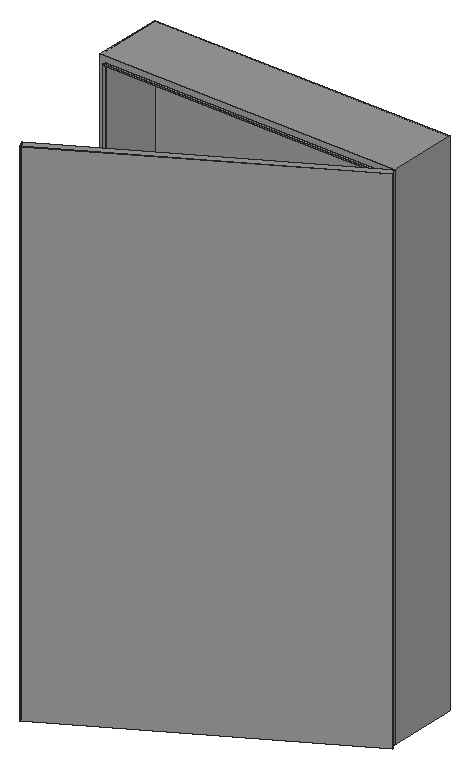
Revit family "Hager-Univers-IP44-D205-H1400-Cl.II-Encl-NoHosted-PL-en", category Equipement électrique, Revit 2020
Family settings
  Configuration du panneau = Deux colonnes, circuits au sein
  Cote de connecteur circulaire = Utiliser le diamètre
  Type d'élément = Tableau de raccordement
  Basée sur le plan de construction = Oui
  Toujours verticalement = Oui
  Couper avec des vides une fois chargée = Non
  Partagée = Non
  Point de calcul de pièce = Non
Parameters (values of type "Surface mounted (plaster) IP44 W800 H1400 D205  - FP93SN2")
  Width Control [instance] = if([EF000008 - Width] > Min Width, [EF000008 - Width], Min Width)  # 800 mm
  Commentaires du type = [HG000003 - Range]  # "Univers"
  Thickness Door [instance] = if([EF009171 - Material plate thickness door/cover] > 3 mm, 3 mm, [EF009171 - Material plate thickness door/cover])  # 1 mm
  Seal Frame Offset [instance] = 17 mm  # constant formula
  Plinth Visibility [instance] = [HG000027 - Plinth height] > 0 mm  # no
  Min Width [instance] = 100 mm  # constant formula
  Min Depth [instance] = (2 * [EF009170 - Material plate thickness cabinet]) + 1 mm  # 3 mm
  Min Height [instance] = 100 mm  # constant formula
  Internal Frame Depth [instance] = (Door System Depth * 0.5)  # 9 mm
  Panel Name [instance] = ""  # (empty or 0)
  Model = ""
  HG000027 - Plinth height = 0 mm
  HG000026 - Floor standing = no
  HG000024 - Bottom section height = 600 mm
  HG000023 - Double section enclosure = no
  HG000016 - Door 3d visibility [instance] = yes
  HG000015 - Clearance visibility [instance] = no
  HG000014 - Door on the right [instance] = yes
  HG000013 - Door on the left [instance] = not([HG000014 - Door on the right])  # no
  HG000012 - Door swing angle [instance] = 30.00°
  HG000010 - Asymmetric doors = no
  HG000009 - Double swing door = no
  HG000006 - Flush mounted = no
  HG000004 - Manufacturer reference = "FP93SN2"
  HG000003 - Range = "Univers"
  HG000002 - With door or cover = yes
  Frame Offset Bottom [instance] = 10 mm  # constant formula
  Frame Offset [instance] = 15 mm  # constant formula
  EF015940 - Cover with overpressure release = no
  EF011959 - Degree of protection (NEMA) = ""
  EF009554 - Number of openings for flange plates = 6
  EF009212 - Cover model = "EV000116 - Closed"
  EF009171 - Material plate thickness door/cover = 1 mm
  EF009170 - Material plate thickness cabinet = 1 mm
  EF008873 - Nominal current (In) = 250 A
  EF007800 - Suitable for lightning protection = no
  EF006306 - With lock = no
  EF006244 - Transparent cover/door = no
  EF005474 - Degree of protection (IP) = "EV006418 - IP44"
  EF004464 - Type of door = "EV002646 - Single"
  EF004427 - Number of modules = 324
  EF004293 - Impact strength = "EV006815 - IK09"
  EF003532 - Suitable for outdoor use = no
  EF002950 - Width in number of modular spacings = 36
  EF001613 - Circuit integrity = "EV000494 - None"
  EF001596 - Material housing = "EV000179 - Steel"
  EF001131 - Internal depth = 143 mm
  EF001088 - Extension possible = yes
  EF000437 - Number of conduit inlets = 6
  EF000339 - Type of cover = "EV001012 - Cover"
  EF000266 - Number of rows = 9
  EF000218 - Built-in depth = 205 mm
  EF000118 - With mounting plate = no
  EF000116 - RAL-number = "9010"
  EF000049 - Depth = 205 mm
  EF000040 - Height = 1400 mm
  EF000008 - Width = 800 mm
  EF000007 - Colour = "EV000202 - White"
  EF000003 - Mounting method = "EV000384 - Surface mounted (plaster)"
  Door System Leaf Tolerance [instance] = 1.5 mm  # constant formula
  Door System Depth [instance] = 18 mm  # constant formula
  Door Height [instance] = Height Control - [HG000027 - Plinth height]  # 1400 mm
  Description = ""
  Default Elevation = 1219.2 mm
  Connector Offset [instance] = Height Control / 2  # 700 mm
  Fabricant = "Hager"  # constant formula
  Height Control [instance] = if([EF000040 - Height] > Min Height, [EF000040 - Height], Min Height)  # 1400 mm
  Depth Control [instance] = if([EF000049 - Depth] > Min Depth, [EF000049 - Depth], Min Depth)  # 205 mm
  Bottom Top Plate Trim [instance] = 1.5 mm  # constant formula
  Plinth height Ctrl [instance] = if([HG000027 - Plinth height] > 0 mm, [HG000027 - Plinth height], 12 mm)  # 12 mm
Types (5, lengths in mm): name | Width Control | HG000010 - Asymmetric doors | HG000009 - Double swing door | HG000004 - Manufacturer reference | EF009554 - Number of openings for flange plates | EF004464 - Type of door | EF004427 - Number of modules | EF002950 - Width in number of modular spacings | EF001131 - Internal depth | EF000437 - Number of conduit inlets | EF000339 - Type of cover | EF000008 - Width
  Surface mounted (plaster) IP44 W1050 H1400 D205  - FP94SN2 | 1050 | no | yes | "FP94SN2" | 8 | "EV003602 - Double" | 432 | 48 | 143 | 8 | "EV001012 - Cover" | 1050
  Surface mounted (plaster) IP44 W1300 H1400 D205  - FP95SN2 | 1300 | yes | yes | "FP95SN2" | 10 | "EV003602 - Double" | 540 | 60 | 130 | 10 | "EV004216 - Door" | 1300
  Surface mounted (plaster) IP44 W300 H1400 D205  - FP91SN2 | 300 | no | no | "FP91SN2" | 2 | "EV002646 - Single" | 108 | 12 | 143 | 2 | "EV001012 - Cover" | 300
  Surface mounted (plaster) IP44 W550 H1400 D205  - FP92SN2 | 550 | no | no | "FP92SN2" | 4 | "EV002646 - Single" | 216 | 24 | 143 | 4 | "EV001012 - Cover" | 550
  Surface mounted (plaster) IP44 W800 H1400 D205  - FP93SN2 | 800 | no | no | "FP93SN2" | 6 | "EV002646 - Single" | 324 | 36 | 143 | 6 | "EV001012 - Cover" | 800
Reference planes
  plane 1 "Center (Front/Back)": y = 0
  plane 2: z = 0
  plane 3 "Center (Left/Right)": x = 0
  plane 4: y = 0
  plane 5: y = 0
  plane 6: z = 0
  plane 7: x = -400
  plane 8: x = 400
  plane 9: x = 399
  plane 10: x = -399
  plane 11: z = 0
  plane 12: z = 1
  plane 13: y = -205
  plane 14: y = -1
  plane 15: x = 0
  plane 16: y = -187
  plane 17: y = -204
  plane 18: y = -186
  plane 19: x = -384
  plane 20: x = 384
  plane 21: z = 11
  plane 22: x = -383
  plane 23: x = 383
  plane 24: z = 0
  plane 25: z = 1400
  plane 26: z = 1400
  plane 27: z = 1384
  plane 28: z = 1399
Forms (mm)
  Extrusion 1, solid, material "Hager_Steel_RAL7035_Light_Grey", detail levels medium+fine
    sketch origin (-208.679, -4572, 0) x (-1, 0, 0) y (0, -1, 0)
      loop
        line (191.321, -4385) -> (-608.679, -4385) -> (-608.679, -4572) -> (191.321, -4572) -> (191.321, -4385)
    from 0 to 1400
  Extrusion 2, void
    sketch origin (-350.771, -205, 1219.2) x (1, 0, 0) y (0, 0, 1)
      loop
        line (-48.229, 179.8) -> (-48.229, -1218.2) -> (749.771, -1218.2) -> (749.771, 179.8) -> (-48.229, 179.8)
    from -19 to -204
  Extrusion 3, void
    sketch origin (-290.084, -187, 1219.2) x (1, 0, 0) y (0, 0, 1)
      loop
        line (-93.916, -1208.2) -> (674.084, -1208.2) -> (674.084, 164.8) -> (-93.916, 164.8) -> (-93.916, -1208.2)
    from 0 to -1
  Extrusion 4, solid, material "Hager_Steel_RAL7035_Light_Grey", visible <- "Plinth Visibility", detail levels medium+fine
    sketch origin (0, 0, 0) x (1, 0, 0) y (0, 1, 0)
      loop
        line (-400, 0) -> (-400, -187) -> (400, -187) -> (400, 0) -> (-400, 0)
    from 0 to 12 <- "Plinth height Ctrl"
  Extrusion 5, solid, material "Hager_Steel_RAL7035_Light_Grey", detail levels coarse
    sketch origin (0, 0, 0) x (1, 0, 0) y (0, 1, 0)
      loop
        line (-400, 0) -> (-400, -205) -> (400, -205) -> (400, 0) -> (-400, 0)
    from 0 to 1400 <- "Height Control"
  Sweep 6, void
    path in 3D
      loop
        line (-400, -187, 12) -> (400, -187, 12) -> (400, 0, 12) -> (-400, 0, 12) -> (-400, -187, 12)
    profile origin (-400, -93.5, 12) x (1, 0, 0) y (0, 0, 1)
      loop
        line (0, 0) -> (0, -1.5) -> (1.5, -1.5)
        arc (1.5, -1.5) -> (1.061, -0.439) -> (0, 0) r 1.5
  Extrusion 7, solid, material "Hager_Steel_RAL7035_Light_Grey", detail levels fine
    sketch origin (-400, -187, 0) x (1, 0, 0) y (0, 0, 1)
      loop
        line (16, 11) -> (784, 11) -> (784, 1384) -> (16, 1384) -> (16, 11)
      loop
        line (15, 10) -> (785, 10) -> (785, 1385) -> (15, 1385) -> (15, 10)
    from 0 to 9 <- "Internal Frame Depth"
Cuts and joins
  Extrusion 2, Extrusion 3 cuts Extrusion 1
  Sweep 6 cuts Extrusion 4
Lines and regions (mm)
  Masking region 1
    outline origin (0, 0, 0) x (1, 0, 0) y (0, 1, 0)
      loop
        line (-400, 0) -> (-400, -205) -> (400, -205) -> (400, 0) -> (-400, 0)
  Masking region 2, detail levels coarse
    outline origin (-290.084, -187, 1219.2) x (-1, 0, 0) y (0, 0, 1)
      loop
        line (-690.084, -1219.2) -> (109.916, -1219.2) -> (109.916, 180.8) -> (-690.084, 180.8) -> (-690.084, -1219.2)
  Masking region 3, detail levels coarse
    outline origin (0, 0, 0) x (0, 1, 0) y (0, 0, 1)
      loop
        line (0, 0) -> (0, 1400) -> (-205, 1400) -> (-205, 0) -> (0, 0)
  Masking region 4, visible <- "Plinth Visibility", detail levels medium+fine
    outline origin (0, 0, 0) x (0, 1, 0) y (0, 0, 1)
      loop
        line (-1.5, 12) -> (-185.5, 12)
        arc (-185.5, 12) -> (-185.939, 10.939) -> (-187, 10.5) r 1.5
        line (-187, 10.5) -> (-187, 0) -> (0, 0) -> (0, 10.5)
        arc (0, 10.5) -> (-1.061, 10.939) -> (-1.5, 12) r 1.5
  Masking region 5, detail levels medium+fine
    outline origin (0, 0, 594.038) x (0, 1, 0) y (0, 0, 1)
      loop
        line (0, -594.038) -> (0, 805.962) -> (-187, 805.962) -> (-187, -594.038) -> (0, -594.038)
  Masking region 6, detail levels medium+fine
    outline origin (-359.7, -187, 1211.883) x (-1, 0, 0) y (0, 0, 1)
      loop
        line (-759.7, -1211.883) -> (40.3, -1211.883) -> (40.3, 188.117) -> (-759.7, 188.117) -> (-759.7, -1211.883)
  Masking region 7, visible <- "Plinth Visibility", detail levels medium+fine
    outline origin (-320.334, -187, 1041.368) x (-1, 0, 0) y (0, 0, 1)
      loop
        line (-720.334, -1041.368) -> (79.666, -1041.368) -> (79.666, -1030.868)
        arc (79.666, -1030.868) -> (78.606, -1030.429) -> (78.166, -1029.368) r 1.5
        line (78.166, -1029.368) -> (-718.834, -1029.368)
        arc (-718.834, -1029.368) -> (-719.273, -1030.429) -> (-720.334, -1030.868) r 1.5
        line (-720.334, -1030.868) -> (-720.334, -1041.368)
  sketch lines
    curve 1: line (-400, 0, 12) -> (-400, -187, 12)
    curve 2: line (-400, -187, 12) -> (400, -187, 12)
    curve 3: line (400, 0, 12) -> (-400, 0, 12)
    curve 4: line (400, -187, 12) -> (400, 0, 12)
Dimensions and locks
  locked: plane 1 "Center (Front/Back)" to plane 5
  "EF009170 - Material plate thickness cabinet": plane 7 to plane 10
  "EF009170 - Material plate thickness cabinet": plane 8 to plane 9
  equal spacing: plane 7, plane 3 "Center (Left/Right)", plane 8
  "Width Control": plane 7 to plane 8
  "Depth Control": plane 4 to plane 13
  "EF009170 - Material plate thickness cabinet": plane 4 to plane 14
  "Height Control": plane 25 to level
  "HG000027 - Plinth height": plane 11 to level
  "EF009170 - Material plate thickness cabinet": plane 12 to plane 11
  "EF009170 - Material plate thickness cabinet": plane 17 to plane 13
  "EF009170 - Material plate thickness cabinet": plane 18 to plane 16
  "Frame Offset Bottom": plane 21 to plane 12
  "Frame Offset": plane 10 to plane 19
  "Frame Offset": plane 9 to plane 20
  "Door System Depth": plane 16 to plane 13
  "Seal Frame Offset": plane 7 to plane 22
  "Seal Frame Offset": plane 8 to plane 23
  "EF009170 - Material plate thickness cabinet": plane 26 to plane 28
  "Frame Offset": plane 28 to plane 27
  "Connector Offset": plane 2 to connector elem
  "Bottom Top Plate Trim": profile plane to Sweep 6 sketch curve
  "Bottom Top Plate Trim": Sweep 6 sketch curve to Sweep 6 sketch curve
  "Plinth height Ctrl": Masking region 4 sketch curve to level
  "Plinth height Ctrl": Masking region 7 sketch curve to level
  "Thickness Door": Extrusion 7 sketch curve to Extrusion 7 sketch curve  (x4)
  "Bottom Top Plate Trim": radius of Sweep 6 sketch curve
  "Bottom Top Plate Trim": radius of Masking region 4 sketch curve  (x2)
  "Bottom Top Plate Trim": radius of Masking region 7 sketch curve  (x2)
  aligned and locked: Extrusion 2 sketch curve to plane 12
  aligned and locked: Extrusion 2 sketch curve to plane 9
  aligned and locked: Extrusion 2 sketch curve to plane 10
  aligned and locked: Extrusion 2 to plane 14
  aligned and locked: Extrusion 1 sketch curve to plane 4
  aligned and locked: plane 8 to Extrusion 1 sketch curve
  aligned and locked: plane 7 to Extrusion 1 sketch curve
  aligned and locked: Extrusion 2 to plane 18
  aligned and locked: Extrusion 3 sketch curve to plane 19
  aligned and locked: plane 20 to Extrusion 3 sketch curve
  aligned and locked: Extrusion 3 to Extrusion 2
  aligned and locked: Extrusion 3 sketch curve to plane 21
  aligned and locked: plane 3 "Center (Left/Right)" to nested 1
  aligned and locked: Extrusion 1 sketch curve to plane 16
  aligned and locked: Extrusion 4 sketch curve to cut or joined group of Extrusion 1, Extrusion 2, Extrusion 3
  aligned and locked: Masking region 1 sketch curve to plane 7
  aligned and locked: Masking region 1 sketch curve to plane 5
  aligned and locked: Masking region 1 sketch curve to plane 8
  aligned and locked: Masking region 2 sketch curve to level
  aligned and locked: level to Masking region 3 sketch curve
  aligned and locked: plane 1 "Center (Front/Back)" to Masking region 3 sketch curve
  aligned and locked: plane 13 to Masking region 3 sketch curve
  aligned and locked: plane 5 to Masking region 4 sketch curve
  aligned and locked: Masking region 2 sketch curve to plane 8
  aligned and locked: Masking region 2 sketch curve to plane 7
  aligned and locked: plane 7 to nested 2
  aligned and locked: nested 2 to plane 5
  aligned and locked: plane 5 to Masking region 5 sketch curve
  aligned and locked: plane 26 to Masking region 5 sketch curve
  aligned and locked: Extrusion 5 sketch curve to plane 8
  aligned and locked: Extrusion 5 sketch curve to plane 7
  aligned and locked: Extrusion 5 sketch curve to plane 5
  aligned and locked: Extrusion 3 sketch curve to plane 27
  aligned and locked: Extrusion 2 sketch curve to plane 28
  aligned and locked: Masking region 2 to plane 25
  aligned and locked: Extrusion 4 to plane 16
  aligned and locked: profile plane to Sweep 6 sketch curve
  aligned and locked: Masking region 5 sketch curve to plane 24
  aligned and locked: level to Masking region 4 sketch curve
  aligned and locked: Masking region 1 to plane 13
  aligned and locked: nested 1 to plane 16
  aligned and locked: Masking region 3 to plane 25
  aligned and locked: plane 16 to Masking region 4 sketch curve
  aligned and locked: Masking region 5 sketch curve to plane 16
  aligned and locked: plane 24 to plane 11
  aligned and locked: plane 26 to plane 25
  aligned and locked: plane 26 to cut or joined group of Extrusion 1, Extrusion 2, Extrusion 3
  aligned and locked: nested 1 to plane 24
  aligned and locked: Extrusion 1 to Extrusion 3
  aligned and locked: Masking region 6 sketch curve to plane 8
  aligned and locked: Masking region 6 sketch curve to plane 24
  aligned and locked: Masking region 6 sketch curve to plane 7
  aligned and locked: Masking region 6 sketch curve to plane 26
  aligned and locked: Masking region 7 sketch curve to plane 7
  aligned and locked: level to Masking region 7 sketch curve
  aligned and locked: Masking region 7 sketch curve to plane 8
  aligned and locked: Extrusion 7 sketch curve to cut or joined group of Extrusion 1, Extrusion 2, Extrusion 3  (x4)
Automatic sketch dimensions
  plane 19 to Extrusion 3 sketch curve = 0 mm
  Extrusion 3 sketch curve to plane 20 = 0 mm
  Extrusion 3 sketch curve to plane 21 = 0 mm
  Extrusion 4 sketch curve to plane 7 = 0 mm
  Extrusion 4 sketch curve to plane 8 = 0 mm
  Extrusion 4 sketch curve to plane 16 = 0 mm
  Masking region 1 sketch curve to plane 13 = 0 mm
  Masking region 2 sketch curve to plane 25 = 0 mm
  Masking region 3 sketch curve to plane 25 = 0 mm
  Extrusion 5 sketch curve to plane 13 = 0 mm
  profile plane to Sweep 6 sketch curve = 0 mm
Nested families
  nested 1: "EC000058_Univers_Door" at (0, -187, 0), Double <- "HG000009 - Double swing door", Transparent <- "EF006244 - Transparent cover/door", Angle <- "HG000012 - Door swing angle", Door_Right <- "HG000014 - Door on the right", Assymetrical <- "HG000010 - Asymmetric doors", Door <- "HG000002 - With door or cover", Width_Ctrl <- "Width Control", 3d_Door <- "HG000016 - Door 3d visibility", Clearance <- "HG000015 - Clearance visibility", Door_Left <- "HG000013 - Door on the left", Width <- "Width Control", Door_Depth <- "Door System Depth", Leaf_Tolerance <- "Door System Leaf Tolerance", Height <- "Door Height", Lock_Visibility <- "EF006306 - With lock", Thickness <- "Thickness Door", type "EC000058_Univers_Door", detail levels medium+fine
    with min_wh 3 mm, Width_Ctrl 800 mm, Width 800 mm, Transparent no, Thickness 1 mm, Seal_Material Hager_Rubber, Lock_Visibility no, Lock_Material Hager_Plastic_RAL9005_Jet_Black, Leaf_Width 800 mm, Leaf_Tolerance_External_Sides 0 mm, Leaf_Tolerance 1.5 mm, Leaf_Offset 0 mm, Leaf_Height 1397 mm, Leaf_2_Width 800 mm, Leaf_2_Offset 400 mm, Leaf_1_Width 800 mm, Leaf_1_Offset 400 mm, Height_Ctrl 1400 mm, Height 1400 mm, Glass_Material Hager_Glass, Double_Clearance_Ctrl no, Double no, Door_Right_Ctrl yes, Door_Right yes, Door_Material Hager_Steel_RAL7035_Light_Grey, Door_Left_Ctrl no, Door_Left no, Door_Depth 18 mm, Door yes, Clearance_Material Hager_Clearance, Clearance_Depth 800 mm, Clearance_Ctrl no, Clearance no, Assymetrical no, Angle 30.00°, 3d_Door yes
  nested 2: "Hager_Enclosure_Symbol" at (-400, 0, 0), Height <- "Depth Control", Width <- "Width Control", type "Hager_Enclosure_Symbol"
    with Width_Ctrl 800 mm, Width 800 mm, Height_Ctrl 205 mm, Height 205 mm, A_Width_Int 13.453 mm, A_Width 161.438 mm, A_Height_Ctrl 179.375 mm, A_Height 179.375 mm
Connectors
  electrical at (0, 0, 700)
    settings: on plane 1 "Center (Front/Back)", index 1, voltage 0 V, apparent load 0 VA, apparent load phase1 0 VA, apparent load phase2 0 VA, apparent load phase3 0 VA, power factor 1, load classification "Other", number of poles 1, system type 30, power factor state 1, is connector primary yes, connector utility no, sub classification motor no, connector description ""
Definition of nested family "EC000058_Univers_Door"
  Parameters (values of type "EC000058_Univers_Door")
    min_wh [instance] = (2 * Thickness) + 1 mm  # 11 mm
    Width_Ctrl [instance] = 400 mm
    Width [instance] = 500 mm
    Transparent [instance] = yes
    Thickness [instance] = 5 mm
    Seal_Material [instance] = none
    Lock_Visibility [instance] = yes
    Lock_Material [instance] = none
    Leaf_Width [instance] = if((Width_Ctrl - 2 * Leaf_Tolerance_External_Sides) > 0 mm, (Width_Ctrl - 2 * Leaf_Tolerance_External_Sides), min_wh)  # 400 mm
    Leaf_Tolerance_External_Sides [instance] = 0 mm  # constant formula
    Leaf_Tolerance [instance] = 1.5 mm
    Leaf_Offset [instance] = 0 mm  # constant formula
    Leaf_Height [instance] = if((Height_Ctrl - 2 * Leaf_Tolerance) > 0 mm, (Height_Ctrl - 2 * Leaf_Tolerance), min_wh)  # 497 mm
    Leaf_2_Width [instance] = if(and(and(Double, Assymetrical), Door_Left), (Leaf_Width / 3) - (Leaf_Tolerance / 2), if(and(and(Double, Assymetrical), Door_Right), (Leaf_Width / 3) * 2 - (Leaf_Tolerance / 2), if(and(Double, not(Assymetrical)), (Leaf_Width / 2) - Leaf_Tolerance, Leaf_Width)))  # 400 mm
    Leaf_2_Offset [instance] = if(and(Double, Assymetrical), Leaf_2_Width / 2, if(and(Double, not(Assymetrical)), Leaf_Width / 4, Leaf_Width / 2))  # 200 mm
    Leaf_1_Width [instance] = if(and(and(Double, Assymetrical), Door_Right), (Leaf_Width / 3) - (Leaf_Tolerance / 2), if(and(and(Double, Assymetrical), Door_Left), (Width / 3) * 2 - (Leaf_Tolerance / 2), if(and(Double, not(Assymetrical)), (Leaf_Width / 2) - Leaf_Tolerance, Leaf_Width)))  # 400 mm
    Leaf_1_Offset [instance] = if(and(Double, Assymetrical), Leaf_1_Width / 2, if(and(Double, not(Assymetrical)), Leaf_Width / 4, Leaf_Width / 2))  # 200 mm
    Height_Ctrl [instance] = if(Height > min_wh, Height, min_wh)  # 500 mm
    Height [instance] = 500 mm
    Glass_Material [instance] = none
    Double_Clearance_Ctrl [instance] = and(Double, Clearance)  # no
    Double [instance] = no
    Door_Right_Ctrl [instance] = and(or(Door_Right, Double), Door)  # yes
    Door_Right [instance] = yes
    Door_Material [instance] = none
    Door_Left_Ctrl [instance] = and(or(Door_Left, Double), Door)  # no
    Door_Left [instance] = no
    Door_Depth [instance] = 30 mm
    Door [instance] = yes
    Default Elevation = 1219.2 mm
    Clearance_Material [instance] = none
    Clearance_Depth [instance] = if(Leaf_1_Width > Leaf_2_Width, Leaf_1_Width, Leaf_2_Width)  # 400 mm
    Clearance_Ctrl [instance] = and(not(Double), Clearance)  # yes
    Clearance [instance] = yes
    Assymetrical [instance] = yes
    Angle [instance] = 30.00°
    3d_Door [instance] = yes
  Reference planes
    plane 1 "Center (Front/Back)": y = 0
    plane 2 "Bottom": z = 0
    plane 3 "Center (Left/Right)": x = 0
    plane 4: z = 500
    plane 5: x = -200
    plane 6: x = 200
    plane 7: z = 500
    plane 8: x = -200
    plane 9: z = 0
    plane 10: x = 200
    plane 11: y = 0
    plane 12: z = 1.5
    plane 13: x = -600
    plane 14: y = -400
    plane 15: x = 600
    plane 16: x = 0
    plane 17: x = 0
    plane 18: x = -200
    plane 19: x = 200
    plane 20: z = 498.5
  Forms (mm)
    Extrusion 1, solid, material <- "Clearance_Material", visible <- "Double_Clearance_Ctrl"
      sketch origin (1200, 0, 0) x (1, 0, 0) y (0, 0, -1)
        loop
          line (-1800, -498.5) -> (-600, -498.5) -> (-600, 0) -> (-1800, 0) -> (-1800, -498.5)
      from 0 to -400
  Dimensions and locks
    equal spacing: plane 5, plane 3 "Center (Left/Right)", plane 6
    "Width_Ctrl": plane 5 to plane 6
    "Leaf_Offset": plane 5 to plane 8
    "Leaf_Offset": plane 6 to plane 10
    "Leaf_Offset": plane 9 to level
    "Leaf_Offset": plane 4 to plane 7
    "Height_Ctrl": plane 4 to level
    "Leaf_Tolerance": plane 12 to plane 9
    locked: plane 11 to plane 1 "Center (Front/Back)"
    "Leaf_1_Offset": plane 18 to plane 16
    "Leaf_2_Offset": plane 17 to plane 19
    "Leaf_1_Width": plane 13 to plane 8
    "Leaf_2_Width": plane 10 to plane 15
    "Clearance_Depth": plane 14 to plane 1 "Center (Front/Back)"
    "Leaf_Tolerance_External_Sides": plane 8 to plane 18
    "Leaf_Tolerance_External_Sides": plane 19 to plane 10
    "Leaf_Tolerance": plane 7 to plane 20
    aligned and locked: level to plane 2 "Bottom"
    aligned and locked: nested 1 to plane 16
    aligned and locked: nested 2 to plane 17
    aligned and locked: Extrusion 1 to plane 13
    aligned and locked: plane 15 to Extrusion 1
    aligned and locked: Extrusion 1 to plane 14
    aligned and locked: plane 12 to nested 1
    aligned and locked: nested 2 to plane 12
    aligned and locked: Extrusion 1 to plane 11
    aligned and locked: plane 20 to Extrusion 1
    aligned and locked: nested 2 to plane 11
    aligned and locked: nested 1 to plane 11
  Automatic sketch dimensions
    Extrusion 1 sketch curve to level = 0 mm
    plane 5 to Extrusion 1 sketch curve = 400 mm
    plane 6 to Extrusion 1 sketch curve = 400 mm
    Extrusion 1 sketch curve to plane 4 = 1.5 mm
  Nested families
    nested 1: "EC000058_Univers_Door_Leaf" at (0, 0, 1.5), Width <- "Leaf_1_Width", visible <- "Door_Left_Ctrl", Leaf_Height <- "Leaf_Height", Angle <- "Angle", 3d_Door <- "3d_Door", Transparent <- "Transparent", Clearance Material <- "Clearance_Material", Clearance <- "Clearance_Ctrl", Door_Material <- "Door_Material", Glass_Material <- "Glass_Material", Door_Depth <- "Door_Depth", Lock_Material <- "Lock_Material", Seal_Material <- "Seal_Material", Lock_Visibility <- "Lock_Visibility", Thickness <- "Thickness", type "EC000058_Univers_Door_Leaf"
      with Width 400 mm, Transparent_Glass_Offset 30 mm, Transparent_Ctrl yes, Transparent yes, Thickness 5 mm, Standard no, Seal_Material none, Seal_D2 8 mm, Seal_D1 1 mm, Offset_Internal_Frame 10 mm, Lock_Width 20 mm, Lock_Visibility_3d yes, Lock_Visibility yes, Lock_Thickness_3 3 mm, Lock_Thickness_2 1 mm, Lock_Thickness_1 3 mm, Lock_Radius_Offset_2 16 mm, Lock_Radius_Offset_1 15 mm, Lock_Radius_2 5 mm, Lock_Radius 6 mm, Lock_Offset 5 mm, Lock_Material none, Lock_Height 80 mm, Lock_Cover_Top_Offset_2d 17 mm, Lock_Cover_Height -65 mm, Leaf_Height 497 mm, Internal_Seal_Thickness 8 mm, Internal_Seal_Depth_2 4.5 mm, Internal_Frame_Depth 25 mm, Glass_Thickness -1 mm, Glass_Offset -2 mm, Glass_Material none, Door_Material none, Door_Depth 30 mm, Clearance Material none, Clearance yes, Angle_Ctrl 30.00°, Angle 30.00°, 3d_Door yes
    nested 2: "EC000058_Univers_Door_Leaf" at (0, 0, 1.5) x (-1, 0, 0) z (0, 0, 1), Width <- "Leaf_2_Width", visible <- "Door_Right_Ctrl", Leaf_Height <- "Leaf_Height", Angle <- "Angle", 3d_Door <- "3d_Door", Transparent <- "Transparent", Clearance Material <- "Clearance_Material", Clearance <- "Clearance_Ctrl", Door_Material <- "Door_Material", Glass_Material <- "Glass_Material", Door_Depth <- "Door_Depth", Lock_Material <- "Lock_Material", Seal_Material <- "Seal_Material", Lock_Visibility <- "Lock_Visibility", Thickness <- "Thickness", type "EC000058_Univers_Door_Leaf"
      with Width 400 mm, Transparent_Glass_Offset 30 mm, Transparent_Ctrl yes, Transparent yes, Thickness 5 mm, Standard no, Seal_Material none, Seal_D2 8 mm, Seal_D1 1 mm, Offset_Internal_Frame 10 mm, Lock_Width 20 mm, Lock_Visibility_3d yes, Lock_Visibility yes, Lock_Thickness_3 3 mm, Lock_Thickness_2 1 mm, Lock_Thickness_1 3 mm, Lock_Radius_Offset_2 16 mm, Lock_Radius_Offset_1 15 mm, Lock_Radius_2 5 mm, Lock_Radius 6 mm, Lock_Offset 5 mm, Lock_Material none, Lock_Height 80 mm, Lock_Cover_Top_Offset_2d 17 mm, Lock_Cover_Height -65 mm, Leaf_Height 497 mm, Internal_Seal_Thickness 8 mm, Internal_Seal_Depth_2 4.5 mm, Internal_Frame_Depth 25 mm, Glass_Thickness -1 mm, Glass_Offset -2 mm, Glass_Material none, Door_Material none, Door_Depth 30 mm, Clearance Material none, Clearance yes, Angle_Ctrl 30.00°, Angle 30.00°, 3d_Door yes
  Definition of nested family "EC000058_Univers_Door_Leaf"
    Parameters (values of type "EC000058_Univers_Door_Leaf")
      Width [instance] = 2000 mm
      Transparent_Glass_Offset [instance] = 30 mm
      Transparent_Ctrl [instance] = and(Transparent, [3d_Door])  # yes
      Transparent [instance] = yes
      Thickness [instance] = 5 mm
      Standard [instance] = and(not(Transparent), [3d_Door])  # no
      Seal_Material [instance] = none
      Seal_D2 [instance] = 8 mm  # constant formula
      Seal_D1 [instance] = 1 mm  # constant formula
      Offset_Internal_Frame [instance] = 10 mm  # constant formula
      Lock_Width [instance] = 20 mm  # constant formula
      Lock_Visibility_3d [instance] = and(Lock_Visibility, [3d_Door])  # yes
      Lock_Visibility [instance] = yes
      Lock_Thickness_3 [instance] = 3 mm  # constant formula
      Lock_Thickness_2 [instance] = 1 mm  # constant formula
      Lock_Thickness_1 [instance] = 3 mm  # constant formula
      Lock_Radius_Offset_2 [instance] = Lock_Radius_Offset_1 + 1 mm  # 16 mm
      Lock_Radius_Offset_1 [instance] = 15 mm  # constant formula
      Lock_Radius_2 [instance] = Lock_Radius - 1 mm  # 5 mm
      Lock_Radius [instance] = 6 mm  # constant formula
      Lock_Offset [instance] = 5 mm  # constant formula
      Lock_Material [instance] = none
      Lock_Height [instance] = 80 mm  # constant formula
      Lock_Cover_Top_Offset_2d [instance] = Lock_Radius_Offset_2 + 1 mm  # 17 mm
      Lock_Cover_Height [instance] = -(Lock_Height - Lock_Radius_Offset_1)  # -65 mm
      Leaf_Height [instance] = 2720.336 mm
      Internal_Seal_Thickness [instance] = 8 mm  # constant formula
      Internal_Seal_Depth_2 [instance] = 4.5 mm  # constant formula
      Internal_Frame_Depth [instance] = if(Door_Depth - Thickness > 5 mm, Door_Depth - Thickness, 5 mm)  # 25 mm
      Glass_Thickness [instance] = if(Thickness > 15 mm, Glass_Offset + 10 mm, -1 mm)  # -1 mm
      Glass_Offset [instance] = if(Thickness > 15 mm, -(Thickness + 10 mm) / 2, -2 mm)  # -2 mm
      Glass_Material [instance] = none
      Door_Material [instance] = none
      Door_Depth [instance] = 30 mm
      Default Elevation = 0 mm
      Clearance Material [instance] = none
      Clearance [instance] = yes
      Angle_Ctrl [instance] = if(Angle > 180.00°, 180.00°, Angle)  # 90.00°
      Angle [instance] = 90.00°
      3d_Door [instance] = yes
    Reference planes
      plane 1 "Center (Front/Back)": y = 0
      plane 2: z = 0
      plane 3 "Center (Left/Right)": x = 0
      plane 4: y = 2000
      plane 5: x = -1000
      plane 6: x = 1000
      plane 7: x = -3000
      plane 8: z = 2720.336
      plane 9: z = 30
      plane 10: z = 2690.336
      plane 11: x = 970
      plane 12: x = -970
      plane 13: y = -3
      plane 14: z = 107.833
      plane 15: y = -5
      plane 16: y = -223.314
      plane 17: x = -1000
      plane 18: z = 1360.168
      plane 19: y = 30
    Forms (mm)
      Extrusion 1, solid, material <- "Clearance Material", visible <- "Clearance"
        sketch origin (0, 0, 0) x (1, 0, 0) y (0, 0, 1)
          loop
            line (-3000, 2720.336) -> (-3000, 0) -> (1000, 0) -> (1000, 2720.336) -> (-3000, 2720.336)
        from 0 to -2000
      Extrusion 2, solid, material <- "Door_Material", visible <- "Standard", detail levels medium+fine
        sketch origin (-1000, 0, 0) x (0, 1, 0) y (-1, 0, 0)
          loop
            line (0, 30) -> (0, 25) -> (2000, 25) -> (2000, 30) -> (0, 30)
        from 0 to 2720.336 <- "Leaf_Height"
      Extrusion 3, solid, material <- "Door_Material", visible <- "Transparent_Ctrl", detail levels medium+fine
        sketch origin (-1000, 0, 0) x (0, 1, 0) y (-1, 0, 0)
          loop
            line (0, 25) -> (2000, 25) -> (2000, 30) -> (0, 30) -> (0, 25)
        from 0 to 2720.336 <- "Leaf_Height"
      Extrusion 4, void
        sketch origin (-1025, 2000, 0) x (0, 1, 0) y (0, 0, -1)
          loop
            line (-30, -2690.336) -> (-30, -30) -> (-1970, -30) -> (-1970, -2690.336) -> (-30, -2690.336)
        from 0 to 5 <- "Thickness"
      Sweep 5, solid, material <- "Seal_Material", visible <- "Transparent_Ctrl", detail levels fine
        path in 3D
          loop
            line (-1025, 30, 30) -> (-1025, 30, 2690.336) -> (-1025, 1970, 2690.336) -> (-1025, 1970, 30) -> (-1025, 30, 30)
        profile origin (-1025, 1000, 30) x (1, 0, 0) y (0, 0, 1)
          loop
            line (0, 0) -> (0, -8) -> (1, -8) -> (1, 0) -> (0, 0)
      Extrusion 6, solid, material <- "Glass_Material", visible <- "Transparent_Ctrl", detail levels medium+fine
        sketch origin (-1030, 0, 0) x (0, 1, 0) y (0, 0, -1)
          loop
            line (1970, -2690.336) -> (1970, -30) -> (30, -30) -> (30, -2690.336) -> (1970, -2690.336)
        from -2 <- "Glass_Offset" to -1 <- "Glass_Thickness"
      Extrusion 7, solid, material <- "Door_Material", visible <- "3d_Door", detail levels medium+fine
        sketch origin (-1025, 2000, 0) x (0, -1, 0) y (0, 0, -1)
          loop
            line (0, -2720.336) -> (2000, -2720.336) -> (2000, 0) -> (0, 0) -> (0, -2720.336)
          loop
            line (1995, -5) -> (5, -5) -> (5, -2715.336) -> (1995, -2715.336) -> (1995, -5)
        from 0 to 25 <- "Internal_Frame_Depth"
      Sweep 8, solid, material <- "Seal_Material", visible <- "Transparent_Ctrl", detail levels fine
        path in 3D
          loop
            line (-1025, 0, 0) -> (-1025, 2000, 0) -> (-1025, 2000, 2720.336) -> (-1025, 0, 2720.336) -> (-1025, 0, 0)
        profile origin (-1025, 0, 1360.168) x (1, 0, 0) y (0, 1, 0)
          loop
            line (0, 10) -> (2.975, 10)
            arc (2.975, 10) -> (4.053, 10.447) -> (4.5, 11.525) r 1.525
            line (4.5, 11.525) -> (4.5, 16.527)
            arc (4.5, 16.527) -> (4.069, 17.569) -> (3.027, 18) r 1.473
            line (3.027, 18) -> (0, 18) -> (0, 10)
      Extrusion 9, solid, material <- "Lock_Material", visible <- "Lock_Visibility_3d", detail levels fine
        sketch origin (-1030, 0, 0) x (0, 1, 0) y (0, 0, -1)
          loop
            arc (1993.5, -1400.168) -> (1994.561, -1399.729) -> (1995, -1398.668) r 1.5
            line (1995, -1398.668) -> (1995, -1320.168) -> (1975, -1320.168) -> (1975, -1398.668)
            arc (1975, -1398.668) -> (1975.439, -1399.729) -> (1976.5, -1400.168) r 1.5
            line (1976.5, -1400.168) -> (1993.5, -1400.168)
        from 3 <- "Lock_Thickness_1" to 0
      Blend 10, solid, material <- "Lock_Material", visible <- "Lock_Visibility_3d", detail levels fine
        base sketch origin (-1033, 0, 0) x (0, 1, 0) y (0, 0, -1)
          loop
            line (1975, -1320.168) -> (1975, -1398.668)
            arc (1975, -1398.668) -> (1975.439, -1399.729) -> (1976.5, -1400.168) r 1.5
            line (1976.5, -1400.168) -> (1993.5, -1400.168)
            arc (1993.5, -1400.168) -> (1994.561, -1399.729) -> (1995, -1398.668) r 1.5
            line (1995, -1398.668) -> (1995, -1320.168) -> (1975, -1320.168)
        top sketch origin (-1033, 0, 0) x (0, 1, 0) y (0, 0, -1)
          loop
            line (1976, -1320.168) -> (1976, -1398.668)
            arc (1976, -1398.668) -> (1976.146, -1399.022) -> (1976.5, -1399.168) r 0.5
            line (1976.5, -1399.168) -> (1993.5, -1399.168)
            arc (1993.5, -1399.168) -> (1993.854, -1399.022) -> (1994, -1398.668) r 0.5
            line (1994, -1398.668) -> (1994, -1320.168) -> (1976, -1320.168)
        from 0 to 1 <- "Lock_Thickness_2"
      Blend 11, solid, material <- "Lock_Material", visible <- "Lock_Visibility_3d", detail levels fine
        base sketch origin (-1034, 0, 0) x (0, 1, 0) y (0, 0, -1)
          loop
            line (1978, -1320.168) -> (1978, -1384.168)
            arc (1978, -1384.168) -> (1985, -1391.168) -> (1992, -1384.168) r 7
            line (1992, -1384.168) -> (1992, -1320.168) -> (1978, -1320.168)
        top sketch origin (-1034, 0, 0) x (0, 1, 0) y (0, 0, -1)
          loop
            line (1991, -1320.168) -> (1979, -1320.168) -> (1979, -1383.168)
            arc (1979, -1383.168) -> (1985, -1389.168) -> (1991, -1383.168) r 6
            line (1991, -1383.168) -> (1991, -1320.168)
        from 0 to 3 <- "Lock_Thickness_3"
      Extrusion 12, solid, material <- "Lock_Material", visible <- "Lock_Visibility_3d", detail levels fine
        sketch origin (-1030, 1975, 1320.168) x (1, 0, 0) y (0, -1, 0)
          loop
            line (-7, -19) -> (-7, -1) -> (0, -1) -> (0, 0) -> (-8, 0) -> (-8, -20) -> (0, -20) -> (0, -19) -> (-7, -19)
        from 0 to -65 <- "Lock_Cover_Height"
      Extrusion 13, void
        sketch origin (-1038, 1995, 1320.168) x (-1, 0, 0) y (0, 0, -1)
          loop
            line (-5, -65) -> (0, -65) -> (-5, -60) -> (-5, -65)
        from 0 to 20 <- "Lock_Width"
      Extrusion 14, void
        sketch origin (-1038, 1975, 1320.168) x (0, -1, 0) y (0, 0, -1)
          loop
            circle (-10, -15.995) r 6
          loop
            circle (-10, -15.995) r 5
        from 0 to 2
      Extrusion 15, solid, material <- "Lock_Material", visible <- "Lock_Visibility_3d", detail levels medium
        sketch origin (-1030, 0, 0) x (0, 1, 0) y (0, 0, -1)
          loop
            arc (1993.5, -1400.168) -> (1994.561, -1399.729) -> (1995, -1398.668) r 1.5
            line (1995, -1398.668) -> (1995, -1320.168) -> (1975, -1320.168) -> (1975, -1398.668)
            arc (1975, -1398.668) -> (1975.439, -1399.729) -> (1976.5, -1400.168) r 1.5
            line (1976.5, -1400.168) -> (1993.5, -1400.168)
        from 8 to 0
    Cuts and joins
      Extrusion 4 cuts Extrusion 3
      Extrusion 13, Extrusion 14 cuts Extrusion 9
      Extrusion 14 cuts Blend 11
      Extrusion 13, Extrusion 14 cuts Extrusion 12
      joined: Extrusion 9, Blend 10, Blend 11, Extrusion 12
      Extrusion 14 cuts Extrusion 15
    Lines and regions (mm)
      Masking region 1, visible <- "Lock_Visibility", detail levels fine
        outline origin (0, 0, 0) x (0, 1, 0) y (0, 0, 1)
          loop
            line (30, 1320.168) -> (33, 1320.168) -> (33, 1400.168) -> (30, 1400.168) -> (30, 1320.168)
      Masking region 2, visible <- "Lock_Visibility", detail levels fine
        outline origin (0, 3.143, 0) x (0, 1, 0) y (0, 0, 1)
          loop
            line (29.857, 1354.168) -> (30.857, 1354.168) -> (30.857, 1366.168) -> (29.857, 1366.168) -> (29.857, 1354.168)
      Masking region 3, detail levels medium+fine
        outline origin (0, 0, 0) x (0, 1, 0) y (0, 0, 1)
          loop
            line (0, 0) -> (30, 0) -> (30, 2720.336) -> (0, 2720.336) -> (0, 0)
      Masking region 4, detail levels medium+fine
        outline origin (0, 0, 0) x (1, 0, 0) y (0, 0, 1)
          loop
            line (-1000, 2720.336) -> (-1000, 0) -> (1000, 0) -> (1000, 2720.336) -> (-1000, 2720.336)
      Masking region 5, visible <- "Lock_Visibility", detail levels fine
        outline origin (-47.116, 0, 0) x (1, 0, 0) y (0, 0, 1)
          loop
            arc (1024.616, 1399.168) -> (1023.556, 1398.729) -> (1023.116, 1397.668) r 1.5
            line (1023.116, 1397.668) -> (1023.116, 1320.168) -> (1041.116, 1320.168) -> (1041.116, 1397.668)
            arc (1041.116, 1397.668) -> (1040.677, 1398.729) -> (1039.616, 1399.168) r 1.5
            line (1039.616, 1399.168) -> (1024.616, 1399.168)
      Masking region 6, visible <- "Lock_Visibility", detail levels medium+fine
        outline origin (-25, 0, 0) x (1, 0, 0) y (0, 0, 1)
          loop
            arc (1001.5, 1400.168) -> (1000.439, 1399.729) -> (1000, 1398.668) r 1.5
            line (1000, 1398.668) -> (1000, 1320.168) -> (1020, 1320.168) -> (1020, 1398.668)
            arc (1020, 1398.668) -> (1019.561, 1399.729) -> (1018.5, 1400.168) r 1.5
            line (1018.5, 1400.168) -> (1001.5, 1400.168)
      Masking region 7, visible <- "Lock_Visibility", detail levels fine
        outline origin (-73.735, 0, 0) x (1, 0, 0) y (0, 0, 1)
          loop
            line (1051.735, 1382.168) -> (1065.735, 1382.168) -> (1065.735, 1384.168)
            arc (1065.735, 1384.168) -> (1058.735, 1391.168) -> (1051.735, 1384.168) r 7
            line (1051.735, 1384.168) -> (1051.735, 1382.168)
      Masking region 8, visible <- "Lock_Visibility", detail levels fine
        outline origin (-73.735, 0, 0) x (1, 0, 0) y (0, 0, 1)
          loop
            line (1052.735, 1382.168) -> (1064.735, 1382.168) -> (1064.735, 1383.168)
            arc (1064.735, 1383.168) -> (1058.735, 1389.168) -> (1052.735, 1383.168) r 6
            line (1052.735, 1383.168) -> (1052.735, 1382.168)
      Masking region 9, visible <- "Lock_Visibility", detail levels fine
        outline origin (-25, 0, 0) x (1, 0, 0) y (0, 0, 1)
          loop
            line (1020, 1320.168) -> (1020, 1382.168) -> (1000, 1382.168) -> (1000, 1320.168) -> (1020, 1320.168)
      Masking region 10, detail levels medium+fine
        outline origin (0, 0, 0) x (1, 0, 0) y (0, 0, 1)
          loop
            circle (985, 1335.144) r 6
      Masking region 11, detail levels fine
        outline origin (0, 0, 0) x (1, 0, 0) y (0, 0, 1)
          loop
            circle (985, 1335.144) r 5
      Masking region 12, visible <- "Lock_Visibility", detail levels fine
        outline origin (0, 12.767, 0) x (0, 1, 0) y (0, 0, 1)
          loop
            line (20.233, 1320.168) -> (21.233, 1320.168) -> (21.233, 1399.168) -> (20.233, 1400.168) -> (20.233, 1320.168)
      Masking region 13, visible <- "Lock_Visibility", detail levels fine
        outline origin (0, 13.767, -10) x (0, 1, 0) y (0, 0, 1)
          loop
            line (20.233, 1330.168) -> (23.233, 1330.168) -> (23.233, 1399.168) -> (20.233, 1402.168) -> (20.233, 1330.168)
      Masking region 14, visible <- "Lock_Visibility", detail levels fine
        outline origin (0, 12.767, -10) x (0, 1, 0) y (0, 0, 1)
          loop
            line (20.233, 1330.168) -> (25.233, 1330.168) -> (25.233, 1399.305) -> (20.233, 1394.305) -> (20.233, 1330.168)
      Masking region 15, visible <- "Lock_Visibility", detail levels medium
        outline origin (0, 0, 0) x (0, 1, 0) y (0, 0, 1)
          loop
            line (30, 1320.168) -> (38, 1320.168) -> (38, 1400.168) -> (30, 1400.168) -> (30, 1320.168)
      Masking region 16, visible <- "Lock_Visibility", detail levels fine
        outline origin (-1000, 0, 0) x (0, 1, 0) y (-1, 0, 0)
          loop
            line (1975, 30) -> (1995, 30) -> (1995, 38) -> (1975, 38) -> (1975, 30)
          loop
            line (1979, 37) -> (1976, 37) -> (1976, 34) -> (1978, 34) -> (1979, 37)
          loop
            line (1994, 37) -> (1991, 37) -> (1992, 34) -> (1994, 34) -> (1994, 37)
      Masking region 17, visible <- "Lock_Visibility", detail levels medium
        outline origin (-1000, 0, 0) x (0, 1, 0) y (-1, 0, 0)
          loop
            line (1975, 30) -> (1995, 30) -> (1995, 38) -> (1975, 38) -> (1975, 30)
      symbolic lines
        curve 1: line (1000, 0, 0) -> (-3000, 0, 0)
        curve 2: arc (1000, 0, 0) -> (-1000, 2000, 0) -> (-3000, 0, 0) r 2000
        curve 4: line (-1030, 0, 0) -> (-1030, 2000, 0)
      reference lines
        curve 3: line (-1000, 0, 0) -> (-1000, 2000, 0)
      symbolic lines, detail levels medium+fine
        curve 5: line (-1030, 2000, 0) -> (-1025, 2000, 0)
        curve 7: line (-1025, 0, 0) -> (-1030, 0, 0)
        curve 8: line (-1025, 0, 0) -> (-1000, 0, 0)
        curve 9: line (-1000, 0, 0) -> (-1000, 2000, 0)
        curve 10: line (-1000, 2000, 0) -> (-1025, 2000, 0)
      symbolic lines, detail levels fine
        curve 6: line (-1025, 2000, 0) -> (-1025, 0, 0)
      sketch lines
        curve 11: line (-1025, 0, 2720.336) -> (-1025, 0, 0)
        curve 12: line (-1025, 2000, 0) -> (-1025, 0, 0)
        curve 13: line (-1025, 2000, 2720.336) -> (-1025, 2000, 0)
        curve 14: line (-1025, 0, 2720.336) -> (-1025, 2000, 2720.336)
        curve 15: line (-1025, 1970, 30) -> (-1025, 30, 30)
        curve 16: line (-1025, 30, 30) -> (-1025, 30, 2690.336)
        curve 17: line (-1025, 1970, 2690.336) -> (-1025, 1970, 30)
        curve 18: line (-1025, 30, 2690.336) -> (-1025, 1970, 2690.336)
      symbolic lines, visible <- "Transparent", detail levels medium+fine
        curve 19: line (-970, 0, 2690.336) -> (970, 0, 2690.336)
        curve 20: line (-970, 0, 30) -> (-970, 0, 2690.336)
        curve 21: line (970, 0, 30) -> (-970, 0, 30)
        curve 22: line (970, 0, 2690.336) -> (970, 0, 30)
    Dimensions and locks
      "Width": plane 1 "Center (Front/Back)" to plane 4
      equal spacing: plane 5, plane 3 "Center (Left/Right)", plane 6
      "Width": plane 5 to plane 6
      "Width": plane 7 to plane 5
      "Leaf_Height": plane 8 to level
      "Width": curve 5 to curve 3
      "Width": curve 3 to curve 3
      plane 8 to plane 10 = 30 mm
      plane 9 to level = 30 mm
      plane 12 to plane 5 = 30 mm
      plane 6 to plane 11 = 30 mm
      Extrusion 1 to Extrusion 4 sketch curve = 30 mm
      "Transparent_Glass_Offset": curve 3 to Extrusion 4 sketch curve
      "Transparent_Glass_Offset": Extrusion 4 sketch curve to cut or joined group of Extrusion 3, Extrusion 4  (x2)
      cut or joined group of Extrusion 3, Extrusion 4 to Extrusion 6 sketch curve = 30 mm
      "Transparent_Glass_Offset": cut or joined group of Extrusion 3, Extrusion 4 to Extrusion 4 sketch curve
      "Thickness": curve 6 to curve 4
      "Thickness": Extrusion 7 sketch curve to Extrusion 7 sketch curve  (x4)
      "Door_Depth": curve 4 to curve 3
      "Offset_Internal_Frame": profile plane to Sweep 8 sketch curve
      "Internal_Seal_Thickness": Sweep 8 sketch curve to Sweep 8 sketch curve
      "Internal_Seal_Depth_2": profile plane to Sweep 8 sketch curve
      "Seal_D1": profile plane to Sweep 5 sketch curve
      "Seal_D2": profile plane to Sweep 5 sketch curve
      "Thickness": Extrusion 2 sketch curve to Extrusion 2 sketch curve
      equal spacing: Extrusion 9 sketch curve, plane 18, Extrusion 9 sketch curve  (x2)
      equal spacing: Masking region 1 sketch curve, plane 18, Masking region 1 sketch curve
      "Lock_Height": Masking region 1 sketch curve to Masking region 1 sketch curve
      "Lock_Radius": Masking region 2 sketch curve to plane 18 to Masking region 2 sketch curve
      Masking region 2 sketch curve to Masking region 1 = 1 mm
      "Door_Depth": plane 19 to plane 1 "Center (Front/Back)"
      "Lock_Thickness_1": Masking region 1 sketch curve to plane 19
      "Lock_Width": Extrusion 9 sketch curve to Extrusion 9 sketch curve
      "Lock_Height": Extrusion 9 sketch curve to Extrusion 9 sketch curve
      "Lock_Offset": cut or joined group of Extrusion 3, Extrusion 4 to Extrusion 9 sketch curve
      equal spacing: plane 8, plane 18, level
      "Lock_Radius_Offset_1": Blend 11 sketch curve to Blend 10
      locked: Blend 10 to Blend 11 sketch curve at 2  (x2)
      locked: var sketch to Blend 11 sketch curve at 1  (x2)
      "Lock_Radius_Offset_2": Blend 11 sketch curve to Blend 10
      locked: Extrusion 12 sketch curve to Extrusion 12 sketch curve at 1  (x3)
      Masking region 6 sketch curve to Masking region 6 sketch curve = 80 mm
      "Lock_Height": Masking region 6 sketch curve to Masking region 6 sketch curve
      "Lock_Width": Masking region 6 sketch curve to Masking region 6 sketch curve
      locked: Masking region 6 to Masking region 5 sketch curve at 1  (x3)
      locked: Masking region 5 to Masking region 7 sketch curve at 2  (x2)
      "Lock_Radius_Offset_1": Masking region 5 to Masking region 7 sketch curve
      "Lock_Radius_Offset_2": Masking region 5 to Masking region 8 sketch curve
      locked: Masking region 7 to Masking region 8 sketch curve at 1  (x2)
      "Lock_Cover_Top_Offset_2d": Masking region 5 to Masking region 9 sketch curve
      equal spacing: Masking region 9, Masking region 10 sketch curve, Masking region 9
      equal spacing: Masking region 9, Masking region 11 sketch curve, Masking region 9
      Extrusion 15 sketch curve to Extrusion 15 sketch curve = 80 mm
      "Lock_Width": Extrusion 15 sketch curve to Extrusion 15 sketch curve
      "Lock_Height": Extrusion 15 sketch curve to Extrusion 15 sketch curve
      equal spacing: Extrusion 15 sketch curve, plane 18, Extrusion 15 sketch curve
      "Lock_Thickness_3": Masking region 13 sketch curve to Masking region 13 sketch curve
      "Lock_Height": Masking region 12 sketch curve to Masking region 12 sketch curve
      locked: Masking region 13 sketch curve to Masking region 1 at 8
      locked: Masking region 14 sketch curve to Masking region 13 at 1
      locked: Masking region 14 sketch curve to Masking region 1 at 10.863
      "Lock_Height": Masking region 15 sketch curve to Masking region 15 sketch curve
      "Lock_Offset": Extrusion 15 sketch curve to cut or joined group of Extrusion 3, Extrusion 4
      "Lock_Offset": plane 6 to Masking region 6 sketch curve
      radius of Sweep 8 sketch curve = 1.525 mm
      radius of Sweep 8 sketch curve = 1.473 mm
      radius of Extrusion 9 sketch curve = 1.5 mm  (x2)
      "Lock_Radius": radius of Extrusion 14 sketch curve
      "Lock_Radius_2": radius of Extrusion 14 sketch curve
      "Lock_Radius": radius of Masking region 10 sketch curve
      "Lock_Radius_2": radius of Masking region 11 sketch curve
      radius of Extrusion 15 sketch curve = 1.5 mm  (x2)
      "Angle_Ctrl": angle plane 1 "Center (Front/Back)" to curve 3
      locked: Masking region 12 sketch curve to Masking region 12 sketch curve (angle 45.00°)
      locked: Masking region 13 sketch curve to Masking region 13 sketch curve (angle 45.00°)
      locked: Masking region 14 sketch curve to Masking region 14 sketch curve (angle 45.00°)
      aligned and locked: level to plane 2
      aligned and locked: Extrusion 1 to curve 1
      aligned and locked: plane 6 to Extrusion 1
      aligned and locked: Extrusion 1 to plane 1 "Center (Front/Back)"
      aligned and locked: plane 4 to Extrusion 1
      aligned and locked: plane 8 to Extrusion 1
      aligned and locked: curve 7 to Extrusion 2 sketch curve
      aligned and locked: curve 5 to Extrusion 2 sketch curve
      aligned and locked: curve 7 to Extrusion 3 sketch curve
      aligned and locked: Extrusion 3 sketch curve to curve 4
      aligned and locked: Extrusion 3 sketch curve to curve 6
      aligned and locked: Extrusion 3 sketch curve to curve 5
      aligned and locked: curve 9 to curve 3
      aligned and locked: Extrusion 7 sketch curve to cut or joined group of Extrusion 3, Extrusion 4  (x4)
      aligned and locked: plane 17 to curve 3
      aligned and locked: plane 1 "Center (Front/Back)" to curve 3
      aligned and locked: plane 17 to plane 5
      aligned and locked: Sweep 8 sketch curve to profile plane
      aligned and locked: Sweep 5 sketch curve to profile plane  (x2)
      aligned and locked: Masking region 1 to Masking region 2 sketch curve
      aligned and locked: plane 19 to Masking region 1 sketch curve
      aligned and locked: plane 1 "Center (Front/Back)" to Masking region 3 sketch curve
      aligned and locked: plane 19 to Masking region 3 sketch curve
      aligned and locked: level to Masking region 3 sketch curve
      aligned and locked: Masking region 3 sketch curve to plane 8
      aligned and locked: plane 17 to Masking region 4 sketch curve
      aligned and locked: level to Masking region 4 sketch curve
      aligned and locked: Masking region 4 sketch curve to plane 8
      aligned and locked: plane 12 to curve 20
      aligned and locked: plane 10 to curve 19
      aligned and locked: plane 11 to curve 22
      aligned and locked: curve 21 to plane 9
      aligned and locked: Extrusion 2 sketch curve to cut or joined group of Extrusion 3, Extrusion 4
      aligned and locked: Blend 10 sketch curve to Extrusion 9  (x4)
      aligned and locked: Extrusion 9 to Blend 10 sketch curve
      aligned and locked: Blend 10 to Blend 11 sketch curve
      aligned and locked: Extrusion 12 sketch curve to Blend 11
      aligned and locked: Extrusion 12 sketch curve to Extrusion 9  (x4)
      aligned and locked: Masking region 5 sketch curve to Masking region 6
      aligned and locked: Masking region 9 sketch curve to Masking region 6  (x3)
      aligned and locked: Masking region 12 sketch curve to Masking region 1
      aligned and locked: Masking region 13 sketch curve to Masking region 1
      aligned and locked: Masking region 12 to Masking region 14
      aligned and locked: Masking region 14 sketch curve to Masking region 1
      aligned and locked: Masking region 15 sketch curve to Masking region 14
      aligned and locked: Masking region 13 sketch curve to Masking region 12
      aligned and locked: Masking region 16 sketch curve to cut or joined group of Extrusion 14, Extrusion 15  (x4)
      aligned and locked: Masking region 16 sketch curve to cut or joined group of Extrusion 9, Blend 10, Blend 11, Extrusion 12, Extrusion 13, Extrusion 14  (x6)
      aligned and locked: cut or joined group of Extrusion 9, Blend 10, Blend 11, Extrusion 12, Extrusion 13, Extrusion 14 to Masking region 16 sketch curve
      aligned and locked: Masking region 17 sketch curve to cut or joined group of Extrusion 14, Extrusion 15  (x3)
      aligned and locked: Masking region 17 sketch curve to cut or joined group of Extrusion 9, Blend 10, Blend 11, Extrusion 12, Extrusion 13, Extrusion 14
      aligned and locked: Masking region 9 to Masking region 8 sketch curve
      aligned and locked: Masking region 9 to Masking region 7 sketch curve
    Automatic sketch dimensions
      plane 1 "Center (Front/Back)" to curve 2 = 0 mm
      curve 2 to plane 5 = 0 mm
      Extrusion 1 sketch curve to level = 0 mm
      Extrusion 1 sketch curve to plane 7 = 0 mm
      Extrusion 1 sketch curve to plane 6 = 0 mm
      Extrusion 1 sketch curve to plane 8 = 0 mm
      Extrusion 3 to Extrusion 6 sketch curve = 30 mm  (x4)
      Masking region 4 sketch curve to plane 6 = 0 mm
      Blend 10 sketch curve to Extrusion 9 = 1.5 mm
      Blend 10 sketch curve to Extrusion 9 = 1 mm
      Extrusion 13 sketch curve to Extrusion 12 = 0 mm  (x2)
      Extrusion 12 to Extrusion 13 sketch curve = 3 mm
      Extrusion 13 sketch curve to Extrusion 12 = 5 mm
      Extrusion 14 sketch curve to Extrusion 14 sketch curve = 0 mm  (x2)
      Extrusion 14 sketch curve to Extrusion 12 = 10 mm
      Extrusion 14 sketch curve to Extrusion 12 = 15.995 mm
      Masking region 5 sketch curve to Masking region 5 sketch curve = 1.5 mm  (x2)
      Masking region 10 sketch curve to plane 18 = 25.024 mm
      Masking region 11 sketch curve to plane 18 = 25.024 mm
      plane 19 to Masking region 14 sketch curve = 3 mm
      Masking region 16 sketch curve to Masking region 16 sketch curve = 3 mm
      curve 4 to curve 3 = 0 mm
      Blend 10 to Blend 11 sketch curve = 0 mm
      Masking region 6 sketch curve to Masking region 6 sketch curve = 1.5 mm  (x2)
      Masking region 6 sketch curve to plane 18 = 40 mm
      plane 19 to Masking region 12 sketch curve = 3 mm
      Masking region 12 sketch curve to Masking region 12 sketch curve = 1 mm
      Masking region 15 sketch curve to plane 19 = 0 mm
      Masking region 15 sketch curve to plane 18 = 40 mm
      radius of Blend 10 sketch curve to Extrusion 9 = 1 mm
Definition of nested family "Hager_Enclosure_Symbol"
  Parameters (values of type "Hager_Enclosure_Symbol")
    Width_Ctrl [instance] = if(Width > 1 mm, Width, 1 mm)  # 102.27 mm
    Width [instance] = 102.27 mm
    Height_Ctrl [instance] = if(Height > 1 mm, Height, 1 mm)  # 66.5 mm
    A_Width_Int [instance] = if(A_Width / 12 > 2 mm, A_Width / 12, 2 mm)  # 4.364 mm
    A_Width [instance] = if(A_Height_Ctrl * 0.9 > 2 mm, A_Height_Ctrl * 0.9, 2 mm)  # 52.369 mm
    A_Height_Ctrl [instance] = if(A_Height > 2 mm, A_Height, 2 mm)  # 58.188 mm
    Height [instance] = 66.5 mm
    A_Height [instance] = Height - (Height / 8)  # 58.188 mm
  Reference planes
    plane 1 "Centre (avant/arrière)": y = 0
    plane 2: z = 0
    plane 3 "Centre (gauche/droite)": x = 0
    plane 4: x = 52.369
    plane 5: y = 33.042
    plane 6: y = 41.77
    plane 7: y = 66.5
    plane 8: x = 26.184
    plane 9: y = 37.406
    plane 10: x = 102.27
    plane 11: y = 66.5
    plane 12: y = 8.313
  Lines and regions (mm)
    Filled region 1, type "Solid_Black", in view "Niveau de réf."
      outline origin (0, 0, 0) x (1, 0, 0) y (0, 1, 0)
        loop
          line (52.369, 66.5) -> (33.188, 54.536) -> (45.365, 45.006) -> (52.369, 66.5)
    Filled region 2, type "Solid_Black", in view "Niveau de réf."
      outline origin (0, 0, 0) x (1, 0, 0) y (0, 1, 0)
        loop
          line (0, 0) -> (102.27, 0) -> (102.27, 66.5) -> (0, 0)
    detail lines, in view "Niveau de réf."
      curve 1: line (0, 8.313, 0) -> (26.184, 41.77, 0)
      curve 2: line (26.184, 41.77, 0) -> (26.184, 33.042, 0)
      curve 3: line (26.184, 33.042, 0) -> (52.369, 66.5, 0)
  Dimensions and locks
    "A_Width": plane 3 "Centre (gauche/droite)" to plane 4
    equal spacing: plane 3 "Centre (gauche/droite)", plane 8, plane 4
    equal spacing: plane 6, plane 9, plane 5
    equal spacing: curve 3, Filled region 1 sketch curve, Filled region 1 sketch curve
    "Height_Ctrl": plane 1 "Centre (avant/arrière)" to plane 11
    "A_Height_Ctrl": plane 11 to plane 12
    equal spacing: plane 11, plane 9, plane 12
    "A_Width_Int": plane 6 to plane 9
    "Width_Ctrl": plane 3 "Centre (gauche/droite)" to plane 10
    angle Filled region 1 sketch curve to curve 3 = 20.00°
    angle curve 3 to Filled region 1 sketch curve = 20.00°
    locked: curve 3 to Filled region 1 sketch curve (angle 90.00°)
    aligned and locked: plane 10 to Filled region 2
    aligned and locked: plane 11 to Filled region 2 sketch curve
    aligned and locked: plane 10 to Filled region 2 sketch curve
    aligned and locked: plane 3 "Centre (gauche/droite)" to curve 1
    aligned and locked: plane 12 to curve 1
    aligned and locked: plane 7 to plane 11
  Automatic sketch dimensions
    Filled region 1 sketch curve to plane 4 = 0 mm
    Filled region 1 sketch curve to plane 7 = 0 mm
    plane 1 "Centre (avant/arrière)" to Filled region 2 sketch curve = 0 mm
    Filled region 2 sketch curve to plane 3 "Centre (gauche/droite)" = 0 mm
    curve 2 to plane 6 = 0 mm
    curve 2 to plane 8 = 0 mm
    curve 3 to plane 4 = 0 mm
    curve 2 to plane 5 = 0 mm
    curve 3 to plane 7 = 0 mm
